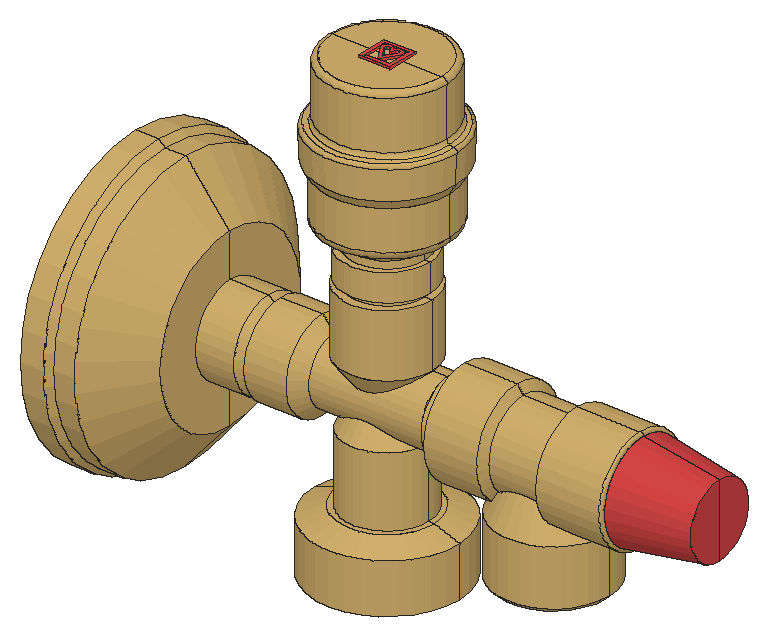
Revit family "Boiler group 2104", category Rohrzubehör, Revit 2019
Family settings
  Bemaßung runder Anschluss = Durchmesser verwenden
  Teiletyp = Normal
  OmniClass-Nummer = 23.65.55.14
  OmniClass-Titel = Valves for Liquid Services
  Arbeitsebenenbasiert = Nein
  Immer vertikal = Ja
  Beim Laden mit Abzugskörper schneiden = Nein
  Gemeinsam genutzt = Nein
Parameters
  min. Operating temperature = -10 °C  # constant formula
  max. Operating temperature = 110 °C  # constant formula
  Weight = 0.663  # constant formula
  URL = "www.herzvalves.com"
  Thermal insulation = "EPP"  # constant formula
  Safety valve = "forged brass acc. to EN 12165; CW 617N "  # constant formula
  SCRNSEQ = "AWI;AWI_TYP=\"1001\";2"
  SCRNCODE = "02;04;02"  # constant formula
  S08 = 17.700 mm  # constant formula
  S07 = 69.900 mm  # constant formula
  S06 = 42.700 mm  # constant formula
  S05 = 71.000 mm  # constant formula
  S04 = 32.000 mm  # constant formula
  S03 = 45.000 mm  # constant formula
  S02 = L18 + L19  # 95.300 mm
  S01 = 31.800 mm  # constant formula
  R25 = 10.400 mm  # constant formula
  R24 = 13.900 mm  # constant formula
  R23 = 10.400 mm  # constant formula
  R22 = 12.300 mm  # constant formula
  R21 = 14.800 mm  # constant formula
  R20 = 9.300 mm  # constant formula
  R19 = 16.000 mm  # constant formula
  R18 = Nennweite SV / 2  # 10.000 mm
  R17 = 20.800 mm  # constant formula
  R16 = 12.000 mm  # constant formula
  R15 [instance] = Nennweite Anschluss / 2  # 12.500 mm
  R14 = R04  # 10.650 mm
  R13 = 17.900 mm  # constant formula
  R12 = 17.100 mm  # constant formula
  R11 = 12.500 mm  # constant formula
  R10 = R04  # 10.650 mm
  R09 = 13.000 mm  # constant formula
  R08 = R04  # 10.650 mm
  R07 = 9.500 mm  # constant formula
  R06 = 9.300 mm  # constant formula
  R05 = 13.000 mm  # constant formula
  R04 = 21.300 mm / 2  # 10.650 mm
  R03 = 12.700 mm  # constant formula
  R02 = 39.900 mm  # constant formula
  R01 = 41.500 mm  # constant formula
  Pressure gauge = "pressure range display from 0 to 4 bar"  # constant formula
  Part number [instance] = if(Nennweite Anschluss = 25.000 mm, 1210415, 0)  # 1210415
  Opening pressure = 300000.0 Pa  # constant formula
  Nennweite SV = 20.000 mm  # constant formula
  Nennweite Anschluss [instance] = 25.000 mm  # constant formula
  Medium = "water purity in accordance with the ÖNORM H 5195 and VDI 2035 standards"
  L19 = 22.000 mm  # constant formula
  L18 = 73.300 mm  # constant formula
  L17 = 95.300 mm  # constant formula
  L16 = 21.400 mm  # constant formula
  L15 = 47.800 mm  # constant formula
  L14 = 31.500 mm  # constant formula
  L13 = 46.500 mm  # constant formula
  L12 = 29.500 mm  # constant formula
  L11 = 31.200 mm  # constant formula
  L10 = 86.000 mm  # constant formula
  L09 = 20.700 mm  # constant formula
  L08 = 37.200 mm  # constant formula
  L07 = 27.700 mm  # constant formula
  L06 = 34.400 mm  # constant formula
  L05 = 19.400 mm  # constant formula
  L04 = 30.600 mm  # constant formula
  L03 = 52.400 mm  # constant formula
  L02 = 27.000 mm  # constant formula
  L01 = 72.000 mm  # constant formula
  Hersteller = "Herz-Armaturen GmbH"  # constant formula
  Field of application = "The boiler group consists of basic safety elements that are used in boiler installations for central heating up to 50 kW (safety valve, vent plug, pressure gauge)."
  Connection piece = "forged brass acc. to EN 12165; CW 617N "  # constant formula
  Air vent = "forged brass acc. to EN 12165; CW 617N"  # constant formula
Reference planes
  plane 1 "Mitte (Vorne/hinten)": y = 0
  plane 2: z = 0
  plane 3 "Mitte (Links/rechts)": x = 0
Forms (mm)
  Revolve 1, solid, material "Messing", detail levels fine
    sketch origin (0, 0, 0) x (1, 0, 0) y (0, 0, 1)
      loop
        line (-72, 41.5) -> (-72, 0) -> (-19.6, 0) -> (-19.6, 9.485) -> (-20.765, 10.65) -> (-31.58, 10.65) -> (-33.8, 12.7) -> (-45, 12.7) -> (-45, 25.131) -> (-57.8, 39.9) -> (-63.8, 39.9) -> (-65.4, 41.5) -> (-72, 41.5)
      axis (-72, 0) -> (-19.6, 0)
    angle from 0 to 360
  Revolve 2, solid, material "Messing", detail levels fine
    sketch origin (0, 0, 0) x (1, 0, 0) y (0, 0, 1)
      loop
        line (-30.6, 13) -> (-30.6, 10.465) -> (-29.435, 9.3) -> (-19.4, 9.3) -> (-19.4, 0) -> (34.4, 0) -> (34.4, 9.485) -> (33.235, 10.65) -> (18.4, 10.65) -> (17.42, 9.5) -> (-15.065, 9.5) -> (-18.565, 13) -> (-30.6, 13)
      axis (-30.6, 0) -> (34.4, 0)
    angle from 0 to 360
  Revolve 3, solid, material "Messing", detail levels fine
    sketch origin (0, 0, 0) x (1, 0, 0) y (0, 0, 1)
      loop
        line (0, 0) -> (-6, 0) -> (-12, -9.5) -> (-12, -29.5) -> (-13.65, -29.5) -> (-20.8, -32.25) -> (-20.8, -46.5) -> (-12.5, -46.5) -> (-12.5, -33.02) -> (0, -33.02) -> (0, 0)
      axis (0, 0) -> (0, -46.5)
    angle from 0 to 360
  Revolve 4, solid, material "Messing", detail levels fine
    sketch origin (0, 0, 0) x (1, 0, 0) y (0, 0, 1)
      loop
        line (0, 31.2) -> (0, 86) -> (-15.6, 86)
        arc (-15.6, 86) -> (-16.661, 85.561) -> (-17.1, 84.5) r 1.5
        line (-17.1, 84.5) -> (-17.1, 70.6)
        arc (-17.1, 70.6) -> (-17.278, 69.797) -> (-17.778, 69.145) r 1.899
        line (-17.778, 69.145) -> (-19.197, 68.844)
        arc (-19.197, 68.844) -> (-19.771, 68.418) -> (-19.974, 67.733) r 1.128
        line (-19.974, 67.733) -> (-19.7, 59.5) -> (-17.9, 56.7) -> (-17.9, 45.325)
        arc (-17.9, 45.325) -> (-17.131, 43.469) -> (-15.275, 42.7) r 2.625
        line (-15.275, 42.7) -> (-10.65, 39.2) -> (-10.65, 32.365) -> (-9.485, 31.2) -> (0, 31.2)
      axis (0, 86) -> (0, 31.2)
    angle from 0 to 360
  Revolve 5, solid, material "Messing", detail levels fine
    sketch origin (0, 0, 0) x (1, 0, 0) y (0, 0, 1)
      loop
        line (-12.5, 37.2) -> (-12.5, 29.435) -> (-10.65, 28.7) -> (-10.65, 21.865) -> (-9.485, 20.7) -> (0, 20.7) -> (0, 37.2) -> (-12.5, 37.2)
      axis (0, 37.2) -> (0, 20.7)
    angle from 0 to 360
  Revolve 6, solid, material "Messing", detail levels fine
    sketch origin (0, 0, 0) x (1, 0, 0) y (0, 0, 1)
      loop
        line (-13, 27.7) -> (-13, 9.525) -> (-6, 0) -> (0, 0) -> (0, 27.7) -> (-13, 27.7)
      axis (0, 27.7) -> (0, 0)
    angle from 0 to 360
  Revolve 7, solid, material "Messing", detail levels fine
    sketch origin (0, 0, 0) x (1, 0, 0) y (0, 0, 1)
      loop
        line (21.4, 9.3) -> (36.4, 9.3) -> (36.4, 0) -> (73.278, 0) -> (73.278, 13.893)
        arc (73.278, 13.893) -> (73.1, 14.525) -> (72.504, 14.8) r 0.784
        line (72.504, 14.8) -> (54.504, 14.8) -> (53.049, 12.3) -> (38.855, 12.3) -> (37.4, 14.8) -> (22.295, 14.8) -> (21.4, 13.25) -> (21.4, 9.3)
      axis (21.4, 0) -> (73.278, 0)
    angle from 0 to 360
  Revolve 8, solid, material "Messing", detail levels fine
    sketch origin (0, 0, 0) x (1, 0, 0) y (0, 0, 1)
      loop
        line (47.8, -18.34) -> (47.8, 0) -> (39.55, 0) -> (31.8, -14.5) -> (31.8, -30.5) -> (32.8, -31.5) -> (37.8, -31.5) -> (37.8, -18.34) -> (47.8, -18.34)
      axis (47.8, 0) -> (47.8, -31.5)
    angle from 0 to 360
  Revolve 9, solid, material "Kunststoff - Rot", detail levels fine
    sketch origin (0, 0, 0) x (1, 0, 0) y (0, 0, 1)
      loop
        line (95.278, 0) -> (95.278, 10.4) -> (73.3, 13.9) -> (73.3, 0) -> (95.278, 0)
      axis (73.3, 0) -> (95.278, 0)
    angle from 0 to 360
Lines and regions (mm)
  model lines, detail levels coarse+medium
    curve 1: line (20.8, 0, -47.5) -> (-20.8, 0, -47.5)
    curve 2: line (0, 0, -47.5) -> (0, 0, 24.8)
    curve 3: line (-18, 0, 0) -> (21.4, 0, 0)
    curve 4: line (21.4, 0, 14.8) -> (21.4, 0, -14.8)
    curve 5: line (21.4, 0, -14.8) -> (47.8, 0, 0)
    curve 6: line (47.8, 0, 0) -> (21.4, 0, 14.8)
    curve 7: line (47.8, 0, 0) -> (31.8, 0, -31.5)
    curve 8: line (31.8, 0, -31.5) -> (63.8, 0, -31.5)
    curve 9: line (63.8, 0, -31.5) -> (47.8, 0, 0)
    curve 10: line (47.8, 0, 0) -> (95.3, 0, 0)
    curve 16: line (0, 0, 87.6) -> (-17.7, 0, 69.9)
    curve 17: circle (0, 0, 42.7) r 17.9 normal (0, -1, 0)
    curve 18: line (0, 0, 60.6) -> (0, 0, 87.6)
    curve 19: line (0, 0, 87.6) -> (17.7, 0, 69.9)
    curve 20: line (-60.91, 0, -15.91) -> (-29.09, 0, 15.91)
    curve 21: line (-29.09, 0, 15.91) -> (-29.09, 0, 5.91)
    curve 22: line (-29.09, 0, 15.91) -> (-39.09, 0, 15.91)
    curve 23: line (-20.8, -46.5, 0) -> (20.8, -46.5, 0)
    curve 24: line (0, -46.5, 0) -> (0, 24.8, 0)
    curve 25: circle (0, 42.7, 0) r 17.9 normal (0, 0, 1)
    curve 26: line (-0.022, 60.6, 0) -> (-0.022, 87.578, 0)
    curve 27: line (-0.022, 87.578, 0) -> (-17.7, 69.9, 0)
    curve 28: line (0.022, 87.578, 0) -> (17.7, 69.9, 0)
    curve 29: circle (-45, 0, 0) r 27 normal (0, 0, 1)
    curve 30: line (-60.91, -15.91, 0) -> (-29.09, 15.91, 0)
    curve 31: line (-29.09, 15.91, 0) -> (-29.09, 5.91, 0)
    curve 32: line (-29.09, 15.91, 0) -> (-39.09, 15.91, 0)
    curve 33: line (-18, 0, 0) -> (20.505, 0, 0)
    curve 34: line (21.4, 14.8, 0) -> (21.4, -14.8, 0)
    curve 35: line (21.4, -14.8, 0) -> (47.8, 0, 0)
    curve 36: line (47.8, 0, 0) -> (21.4, 14.8, 0)
    curve 37: line (47.8, 0, 0) -> (95.3, 0, 0)
    curve 38: line (71, 10.619, 0) -> (63.27, -10.619, 0)
    curve 39: line (79, 10.619, 0) -> (71.27, -10.619, 0)
    curve 40: line (87, 10.619, 0) -> (79.27, -10.619, 0)
    curve 41: line (95, 10.619, 0) -> (87.27, -10.619, 0)
    curve 42: line (47.8, 0, 0) -> (31.8, -31.5, 0)
    curve 43: line (31.8, -31.5, 0) -> (63.8, -31.5, 0)
    curve 44: line (63.8, -31.5, 0) -> (47.8, 0, 0)
  model lines
    curve 11: line (95, 0, 10.596) -> (87.287, 0, -10.596)
    curve 12: line (87, 0, 10.596) -> (79.287, 0, -10.596)
    curve 13: line (79, 0, 10.596) -> (71.287, 0, -10.596)
    curve 14: line (71, 0, 10.596) -> (63.287, 0, -10.596)
    curve 15: circle (-45, 0, 0) r 27 normal (0, -1, 0)
Dimensions and locks
  "R01": Revolve 1 sketch curve to Revolve 1 sketch curve
  "L01": plane 3 "Mitte (Links/rechts)" to Revolve 1 sketch curve
  "L02": Revolve 1 sketch curve to Revolve 1 sketch curve
  "R02": Revolve 1 sketch curve to Revolve 1 sketch curve
  "R03": Revolve 1 sketch curve to Revolve 1 sketch curve
  "L03": Revolve 1 sketch curve to Revolve 1 sketch curve
  "R04": Revolve 1 sketch curve to Revolve 1 sketch curve
  "L04": plane 3 "Mitte (Links/rechts)" to Revolve 2 sketch curve
  "R05": Revolve 2 sketch curve to Revolve 2 sketch curve
  "R06": Revolve 2 sketch curve to Revolve 2 sketch curve
  "R07": Revolve 2 sketch curve to Revolve 2 sketch curve
  "R08": Revolve 2 sketch curve to Revolve 2 sketch curve
  "L05": plane 3 "Mitte (Links/rechts)" to Revolve 2 sketch curve
  "L06": Revolve 2 sketch curve to plane 3 "Mitte (Links/rechts)"
  "R09": Revolve 6 sketch curve to Revolve 6 sketch curve
  "L07": Revolve 6 sketch curve to Revolve 6 sketch curve
  "L09": Revolve 5 sketch curve to Revolve 6
  "L08": Revolve 5 sketch curve to Revolve 6
  "R11": Revolve 5 sketch curve to Revolve 5 sketch curve
  "R10": Revolve 5 sketch curve to Revolve 5 sketch curve
  "R12": Revolve 4 sketch curve to Revolve 4 sketch curve
  "R13": Revolve 4 sketch curve to Revolve 4 sketch curve
  "R14": Revolve 4 sketch curve to Revolve 4 sketch curve
  "L11": Revolve 4 sketch curve to Revolve 6
  "L10": Revolve 4 sketch curve to Revolve 6
  "L13": Revolve 3 sketch curve to Revolve 3 sketch curve
  "L12": Revolve 3 sketch curve to Revolve 3 sketch curve
  "R16": Revolve 3 sketch curve to Revolve 3 sketch curve
  "R17": Revolve 3 sketch curve to Revolve 3 sketch curve
  "R15": Revolve 3 sketch curve to Revolve 3 sketch curve
  "R19": Revolve 8 sketch curve to Revolve 8 sketch curve
  "R18": Revolve 8 sketch curve to Revolve 8 sketch curve
  "L14": Revolve 8 sketch curve to Revolve 8 sketch curve
  "L15": Revolve 8 sketch curve to plane 3 "Mitte (Links/rechts)"
  "L16": Revolve 7 sketch curve to plane 3 "Mitte (Links/rechts)"
  "R20": Revolve 7 sketch curve to Revolve 7 sketch curve
  "R21": Revolve 7 sketch curve to Revolve 7 sketch curve  (x2)
  "R22": Revolve 7 sketch curve to Revolve 7 sketch curve
  "R25": Revolve 9 sketch curve to Revolve 9 sketch curve
  "R24": Revolve 9 sketch curve to Revolve 9 sketch curve
  "L19": Revolve 9 sketch curve to Revolve 7
  "L18": plane 3 "Mitte (Links/rechts)" to Revolve 9 sketch curve
  "R17": curve 1 to plane 3 "Mitte (Links/rechts)" to curve 1
  "L13": plane 2 to Revolve 3
  "S06": curve 17 to plane 2
  "S07": curve 16 to plane 2
  "S07": curve 19 to plane 2
  "S08": curve 19 to plane 3 "Mitte (Links/rechts)"
  "S08": plane 3 "Mitte (Links/rechts)" to curve 16
  "S03": plane 3 "Mitte (Links/rechts)" to curve 15
  "L16": curve 4 to plane 3 "Mitte (Links/rechts)"
  "R21": curve 6 to plane 2 to curve 5
  "L15": curve 10 to plane 3 "Mitte (Links/rechts)"
  "L14": plane 2 to curve 8
  "S01": curve 8 to plane 3 "Mitte (Links/rechts)"
  "S04": curve 8 to curve 9
  "S02": curve 10 to plane 3 "Mitte (Links/rechts)"
  equal spacing: curve 14, plane 2, curve 14
  equal spacing: curve 13, plane 2, curve 13
  equal spacing: curve 12, plane 2, curve 12
  equal spacing: curve 11, plane 2, curve 11
  curve 11 to curve 12 = 8.000 mm
  curve 12 to curve 13 = 8.000 mm
  curve 13 to curve 14 = 8.000 mm
  "S05": curve 14 to plane 3 "Mitte (Links/rechts)"
  "S07": plane 1 "Mitte (Vorne/hinten)" to curve 27
  "S08": curve 27 to plane 3 "Mitte (Links/rechts)"
  "S08": plane 3 "Mitte (Links/rechts)" to curve 28
  "S07": plane 1 "Mitte (Vorne/hinten)" to curve 28
  "S06": plane 1 "Mitte (Vorne/hinten)" to curve 25
  "R17": curve 23 to plane 3 "Mitte (Links/rechts)" to curve 23
  "L13": curve 23 to plane 1 "Mitte (Vorne/hinten)"
  "S03": curve 29 to plane 3 "Mitte (Links/rechts)"
  "L16": plane 3 "Mitte (Links/rechts)" to curve 34
  "R21": plane 1 "Mitte (Vorne/hinten)" to curve 36
  "R21": curve 35 to plane 1 "Mitte (Vorne/hinten)"
  "L15": plane 3 "Mitte (Links/rechts)" to curve 36
  "S02": plane 3 "Mitte (Links/rechts)" to curve 37
  equal spacing: curve 38, plane 1 "Mitte (Vorne/hinten)", curve 38
  "S05": plane 3 "Mitte (Links/rechts)" to curve 38
  equal spacing: curve 39, plane 1 "Mitte (Vorne/hinten)", curve 39
  curve 38 to curve 39 = 8.000 mm
  equal spacing: curve 40, plane 1 "Mitte (Vorne/hinten)", curve 40
  curve 40 to curve 39 = 8.000 mm
  curve 41 to curve 40 = 8.000 mm
  equal spacing: curve 41, plane 1 "Mitte (Vorne/hinten)", curve 41
  "L14": curve 43 to plane 1 "Mitte (Vorne/hinten)"
  "S01": plane 3 "Mitte (Links/rechts)" to curve 43
  "S04": curve 43 to curve 44
  "R13": radius of curve 17
  "L02": radius of curve 15
  "R13": radius of curve 25
  "L02": radius of curve 29
  angle curve 16 to curve 18 = 45.00°
  angle plane 3 "Mitte (Links/rechts)" to curve 19 = 45.00°
  angle curve 20 to curve 21 = 45.00°
  angle plane 2 to curve 11 = 70.00°
  angle plane 2 to curve 12 = 70.00°
  angle plane 2 to curve 13 = 70.00°
  angle plane 2 to curve 14 = 70.00°
  angle curve 27 to curve 26 = 45.0005°
  angle curve 26 to curve 28 = 45.0005°
  angle curve 30 to curve 31 = 45.00°
  angle plane 1 "Mitte (Vorne/hinten)" to curve 38 = 70.00°
  angle plane 1 "Mitte (Vorne/hinten)" to curve 39 = 70.00°
  angle plane 1 "Mitte (Vorne/hinten)" to curve 40 = 70.00°
  angle plane 1 "Mitte (Vorne/hinten)" to curve 41 = 70.00°
  aligned and locked: level to plane 2
Automatic sketch dimensions
  curve 17 to plane 3 "Mitte (Links/rechts)" = 0.000 mm
  curve 2 to plane 3 "Mitte (Links/rechts)" = 0.000 mm
  curve 7 to level = 0.000 mm
  curve 15 to level = 0.000 mm
  curve 3 to level = 0.000 mm
  curve 20 to curve 3 = 11.090 mm
  level to curve 22 = 15.910 mm
  curve 22 to curve 20 = 10.000 mm
  curve 1 to curve 7 = 16.000 mm
  curve 24 to plane 3 "Mitte (Links/rechts)" = 0.000 mm
  plane 1 "Mitte (Vorne/hinten)" to curve 33 = 0.000 mm
  plane 1 "Mitte (Vorne/hinten)" to curve 42 = 0.000 mm
  plane 1 "Mitte (Vorne/hinten)" to curve 29 = 0.000 mm
  curve 30 to curve 33 = 11.090 mm
  curve 25 to plane 3 "Mitte (Links/rechts)" = 0.000 mm
  curve 32 to plane 1 "Mitte (Vorne/hinten)" = 15.910 mm
  curve 32 to curve 30 = 10.000 mm
  curve 33 to curve 34 = 0.895 mm
  Revolve 1 sketch curve to level = 0.000 mm  (x2)
  Revolve 1 sketch curve to Revolve 1 sketch curve = 6.600 mm
  Revolve 1 sketch curve to Revolve 1 sketch curve = 1.600 mm
  Revolve 1 sketch curve to Revolve 1 sketch curve = 6.000 mm
  Revolve 1 sketch curve to Revolve 1 sketch curve = 11.200 mm
  Revolve 1 sketch curve to Revolve 1 sketch curve = 2.220 mm
  Revolve 1 sketch curve to Revolve 1 sketch curve = 1.165 mm  (x2)
  Revolve 1 sketch curve to Revolve 1 sketch curve = 12.431 mm
  Revolve 1 sketch curve to Revolve 1 sketch curve = 1279.990 mm
  plane 3 "Mitte (Links/rechts)" to Revolve 1 sketch curve = 1898.983 mm
  Revolve 2 sketch curve to level = 0.000 mm  (x2)
  Revolve 2 sketch curve to Revolve 2 sketch curve = 1.165 mm  (x4)
  Revolve 2 sketch curve to Revolve 2 sketch curve = 0.835 mm
  Revolve 2 sketch curve to Revolve 2 sketch curve = 4.335 mm
  Revolve 2 sketch curve to Revolve 2 sketch curve = 16.980 mm
  Revolve 2 sketch curve to Revolve 2 sketch curve = 0.980 mm
  Revolve 2 sketch curve to Revolve 2 sketch curve = 1321.410 mm
  Revolve 2 sketch curve to Revolve 2 sketch curve = 1864.563 mm
  Revolve 3 sketch curve to level = 0.000 mm
  Revolve 3 sketch curve to plane 3 "Mitte (Links/rechts)" = 0.000 mm  (x2)
  Revolve 3 sketch curve to Revolve 3 sketch curve = 1.650 mm
  Revolve 3 sketch curve to Revolve 3 sketch curve = 6.000 mm
  Revolve 3 sketch curve to Revolve 3 sketch curve = 3.520 mm
  Revolve 3 sketch curve to Revolve 3 sketch curve = 2.750 mm
  Revolve 3 sketch curve to level = 9.500 mm
  Revolve 3 sketch curve to Revolve 3 sketch curve = 319.545 mm
  level to Revolve 3 sketch curve = 2214.315 mm
  Revolve 4 sketch curve to plane 3 "Mitte (Links/rechts)" = 0.000 mm  (x2)
  Revolve 4 sketch curve to Revolve 4 sketch curve = 1.747 mm
  Revolve 4 sketch curve to Revolve 4 sketch curve = 1.899 mm
  Revolve 4 sketch curve to Revolve 4 sketch curve = 0.350 mm
  Revolve 4 sketch curve to Revolve 4 sketch curve = 1.800 mm
  Revolve 4 sketch curve to Revolve 4 sketch curve = 1.128 mm
  Revolve 4 sketch curve to Revolve 4 sketch curve = 1.419 mm
  Revolve 4 sketch curve to Revolve 4 sketch curve = 1.500 mm
  Revolve 4 sketch curve to Revolve 4 sketch curve = 2.625 mm
  Revolve 4 sketch curve to Revolve 4 sketch curve = 1.165 mm  (x2)
  Revolve 4 sketch curve to Revolve 4 sketch curve = 6.835 mm
  Revolve 4 sketch curve to Revolve 4 sketch curve = 3.500 mm
  Revolve 4 sketch curve to Revolve 4 sketch curve = 11.375 mm
  Revolve 4 sketch curve to Revolve 4 sketch curve = 2.800 mm
  Revolve 4 sketch curve to Revolve 4 sketch curve = 8.233 mm
  Revolve 4 sketch curve to Revolve 4 sketch curve = 0.038 mm
  Revolve 4 sketch curve to Revolve 4 sketch curve = 0.302 mm
  Revolve 4 sketch curve to level = 366.045 mm
  Revolve 4 sketch curve to Revolve 4 sketch curve = 2128.315 mm
  Revolve 5 sketch curve to plane 3 "Mitte (Links/rechts)" = 0.000 mm  (x2)
  Revolve 5 sketch curve to Revolve 5 sketch curve = 1.165 mm  (x2)
  Revolve 5 sketch curve to Revolve 5 sketch curve = 6.835 mm
  Revolve 5 sketch curve to Revolve 5 sketch curve = 0.735 mm
  Revolve 5 sketch curve to level = 366.045 mm
  Revolve 5 sketch curve to Revolve 5 sketch curve = 2177.115 mm
  Revolve 6 sketch curve to level = 0.000 mm
  Revolve 6 sketch curve to plane 3 "Mitte (Links/rechts)" = 0.000 mm  (x2)
  Revolve 6 sketch curve to plane 3 "Mitte (Links/rechts)" = 6.000 mm
  level to Revolve 6 sketch curve = 9.525 mm
  Revolve 6 sketch curve to level = 366.045 mm
  Revolve 6 sketch curve to Revolve 6 sketch curve = 2186.615 mm
  Revolve 7 sketch curve to level = 0.000 mm  (x2)
  Revolve 7 sketch curve to Revolve 7 sketch curve = 0.895 mm
  Revolve 7 sketch curve to Revolve 7 sketch curve = 15.000 mm
  Revolve 7 sketch curve to Revolve 7 sketch curve = 1.000 mm
  Revolve 7 sketch curve to Revolve 7 sketch curve = 1.455 mm  (x2)
  Revolve 7 sketch curve to Revolve 7 sketch curve = 14.194 mm
  Revolve 7 sketch curve to Revolve 7 sketch curve = 18.000 mm
  Revolve 7 sketch curve to Revolve 7 sketch curve = 0.774 mm
  Revolve 7 sketch curve to Revolve 7 sketch curve = 1.550 mm
  Revolve 7 sketch curve to Revolve 7 sketch curve = 0.907 mm
  Revolve 7 sketch curve to plane 3 "Mitte (Links/rechts)" = 1351.990 mm
  Revolve 7 sketch curve to Revolve 7 sketch curve = 1825.705 mm
  Revolve 8 sketch curve to level = 0.000 mm  (x2)
  Revolve 8 sketch curve to Revolve 8 sketch curve = 0.000 mm  (x2)
  Revolve 8 sketch curve to Revolve 8 sketch curve = 8.250 mm
  Revolve 8 sketch curve to Revolve 8 sketch curve = 1.000 mm  (x2)
  Revolve 8 sketch curve to Revolve 8 sketch curve = 13.160 mm
  Revolve 8 sketch curve to Revolve 8 sketch curve = 3.840 mm
  Revolve 9 sketch curve to level = 0.000 mm  (x2)
  Revolve 9 sketch curve to plane 3 "Mitte (Links/rechts)" = 1351.990 mm
  Revolve 9 sketch curve to Revolve 9 sketch curve = 1803.683 mm
Nested families
  nested 1: "Herz-Logo" at (0, 0, 85), type "Herz-Logo", detail levels fine
Connectors
  piping at (0, 0, -33.02), diameter 25, driven by "Nennweite Anschluss"
    settings: on Revolve 3, index 1, connector inside diameter 609.6 mm, connector length 0.000 mm, flow factor 0, pipe flow 0.0 L/s, pressure drop 0.0 Pa, fitting loss kfactor 0, connector angle 0.00°, fixture units 0, engagement length 0.000 mm, angle of deflection 0.00°, flow configuration 0, flow direction 1, fitting loss method 0, system type 29, joint type 0, gender type 0, connector reference index -1, connector utility 0, adjustable connector no, is connector primary yes, connector description ""
  piping at (47.8, 0, -18.34), diameter 20, driven by "Nennweite SV"
    settings: on Revolve 8, index 2, connector inside diameter 609.6 mm, connector length 0.000 mm, flow factor 0, pipe flow 0.0 L/s, pressure drop 0.0 Pa, fitting loss kfactor 0, connector angle 0.00°, fixture units 0, engagement length 0.000 mm, angle of deflection 0.00°, flow configuration 0, flow direction 2, fitting loss method 0, system type 29, joint type 0, gender type 0, connector reference index -1, connector utility 0, adjustable connector no, is connector primary no, connector description ""
Definition of nested family "Herz-Logo"
  Reference planes
    plane 1 "Mitte (Vorne/hinten)": y = 0
    plane 2: z = 0
    plane 3 "Mitte (Links/rechts)": x = 0
  Forms (mm)
    Extrusion 1, solid
      sketch origin (0, 0, 0) x (1, 0, 0) y (0, 1, 0)
        loop
          line (-0.018, -4.517) -> (4.482, -4.517) -> (4.482, 4.483) -> (-4.518, 4.483) -> (-4.518, -4.517) -> (-0.018, -4.517)
        loop
          line (-0.05, -3.48) -> (3.482, -3.48) -> (3.482, 3.483) -> (-3.518, 3.483) -> (-3.518, -3.48) -> (-0.05, -3.48)
        loop
          arc (-0.018, 2.383) -> (-1.543, 3.287) -> (-3.067, 2.383) r 1.738
          arc (-3.067, 2.383) -> (-3.191, 1.899) -> (-3.067, 1.415) r 1.009
          line (-3.067, 1.415) -> (-0.018, -3.281) -> (3.032, 1.415)
          arc (3.032, 1.415) -> (3.156, 1.899) -> (3.032, 2.383) r 1.009
          arc (3.032, 2.383) -> (1.507, 3.287) -> (-0.018, 2.383) r 1.738
        loop
          arc (1.885, 1.272) -> (2.005, 1.675) -> (1.885, 2.079) r 0.74
          arc (1.885, 2.079) -> (1.265, 2.416) -> (0.644, 2.079) r 0.74
          line (0.644, 2.079) -> (-0.018, 0.97) -> (-0.679, 2.079)
          arc (-0.679, 2.079) -> (-1.3, 2.416) -> (-1.921, 2.079) r 0.74
          arc (-1.921, 2.079) -> (-2.04, 1.675) -> (-1.921, 1.272) r 0.74
          line (-1.921, 1.272) -> (-0.018, -1.658) -> (1.885, 1.272)
      from 0 to 1.5
  Dimensions and locks
    aligned and locked: level to plane 2
